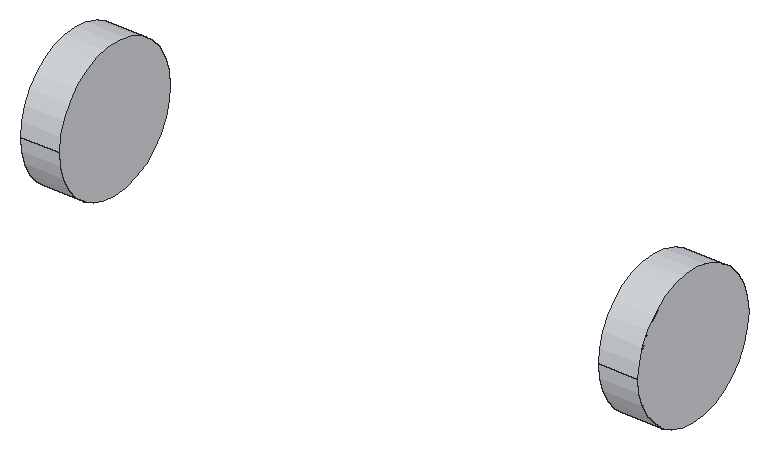
Revit family "SENT200T", category Mechanical Equipment, Revit 2013
Parameters
  Width (including controller) = "830mm"
  Width (excluding controller) = "734mm"
  Weight = "39Kg"
  Warranty period = "Unit 2 years,Motor 5 years"
  Spigot Diameter = "200mm"
  Product Description = "Sentinel D-Box Twin Fan"
  Part Number = "SENT200T"
  Options = "Weatherproofed and Constant Pressure options"
  Operational and Maintenance Manual = "http://www.vent-axia.com/files/pdf-downloads/432984_0.pdf"
  Operating Temperature = "(-10C to +40C)"
  Motor Rating = "170 Watts (max)"
  Manufacturer - Website = "www.vent-axia.com"
  Manufacturer - Name = "Vent-Axia Ltd"
  Manufacturer - Email = "sales@vent-axia.com"
  Manufacturer - Contact Phone = "0844 856 0590"
  Manufacturer - Address = "Fleming Way, Crawley, West Sussex RH10 9YX"
  Length (including Spigots) = "896mm"
  Length (excluding Spigots) = "801mm"
  IP Rating  Internal = "IPX2"
  IP Rating  External (WP) = "IPX5"
  Height = "343mm"
  Country of Manufacture = "UK"
  Category = "Sentinel D-Box Twin Fan"
  AC Voltage Input = "220-240 V AC (single phase)"
  AC Frequency Input = "50Hz nominal"
Reference planes
  plane 1 "Center (Front/Back)": y = 0
  plane 2: z = 0
  plane 3 "Center (Left/Right)": x = 0
  plane 4: y = 368
  plane 5: y = -368
  plane 6: x = 449
  plane 7 "1": x = -449
Forms (mm)
  Extrusion 1, solid
    sketch origin (-449, 0, 0) x (0, 1, 0) y (0, 0, 1)
      loop
        circle (0, 171.703) r 100
    from 0 to 57.639
  Extrusion 2, solid
    sketch origin (449, 0, 0) x (0, 1, 0) y (0, 0, -1)
      loop
        circle (0, -171.703) r 100
    from -0.164 to 57.639
Connectors
  hvac at (449.164, 0, 171.703)
    settings: on Extrusion 2, index 1, duct flow 0.0 L/s, flow factor 0, pres drop 0.0 Pa, loss coef 0, conn angle 0.00°, conn width 304.8 mm, conn height 304.8 mm, conn radius 100 mm, duct sys type 2, conn prof type 0, flow config 0, flow direction 1, loss method 0, conn ref index -1, conn util no, is conn primary yes, conn desc ""
  hvac at (-449, 0, 171.703)
    settings: on Extrusion 1, index 2, duct flow 0.0 L/s, flow factor 0, pres drop 0.0 Pa, loss coef 0, conn angle 0.00°, conn width 304.8 mm, conn height 304.8 mm, conn radius 100 mm, duct sys type 3, conn prof type 0, flow config 0, flow direction 2, loss method 0, conn ref index -1, conn util no, is conn primary no, conn desc ""
